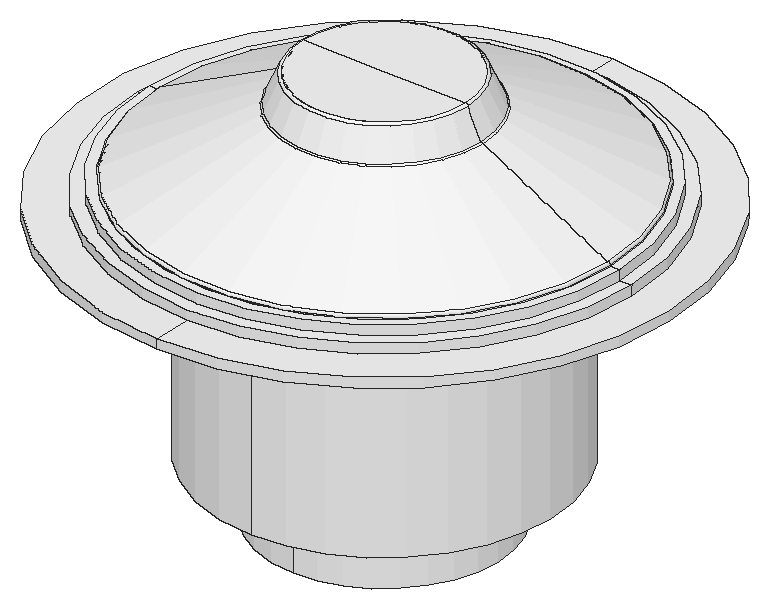
Revit family "R1200-RG", category Plumbing Fixtures, host Face, Revit 2018
Family settings
  Host = Face
  Round Connector Dimension = Use Radius
  Part Type = Normal
  Cut with Voids When Loaded = No
  Shared = No
  Room Calculation Point = No
Parameters (values of type "6" Drain Pipe Size")
  WFU = 0
  URL = "WWW.MIFAB.COM"
  Pipe Radius = Pipe Diameter / 2  # 0' - 3"
  Pipe Diameter = 0' - 6"
  No Hub Standard Height = 0' - 7 1/4"
  Model = "R1200-RG"
  Manufacturer = "MIFAB"
  Floor Drain Material = Paint - Sherwin Williams Paint - #952C2A - Bellwood Red
  Description = "LARGE SUMP ROOF DRAIN WITH DUCTILE IRON ROOFGUARD"
  Default Elevation = 0' - 0"
  CWFU = 0
  Assembly Code = ""
Types (7): name | Pipe Radius | Pipe Diameter | No Hub Standard Height
  (no name) | 0' - 3" | 0' - 6" | 0' - 7 1/4"
  3" Drain Pipe Size | 0' - 1 1/2" | 0' - 3" | 0' - 5 3/4"
  2" Drain Pipe Size | 0' - 1" | 0' - 2" | 0' - 5 3/4"
  4" Drain Pipe Size | 0' - 2" | 0' - 4" | 0' - 5 3/4"
  5" Drain Pipe Size | 0' - 2 1/2" | 0' - 5" | 0' - 5 3/4"
  6" Drain Pipe Size | 0' - 3" | 0' - 6" | 0' - 7 1/4"
  8" Drain Pipe Size | 0' - 4" | 0' - 8" | 0' - 5 7/8"
Reference planes (in)
  plane 1 "Center (Front/Back)": y = 0
  plane 2: z = 0
  plane 3 "Center (Left/Right)": x = 0
  plane 4: z = -7.25
  plane 5: z = -3
  plane 6: z = -6
  plane 7: y = -3
  plane 8: y = 3
  plane 9: x = -2.5
  plane 10: x = 2.5
  plane 11: z = 7.5
  plane 12: z = -6.5
  plane 13: x = 7.5
  plane 14: x = -7.5
  plane 15: y = 7.5
  plane 16: y = -7.5
  plane 17: z = -5.14286
  plane 18: z = -0.25
  plane 19: z = -7.5
  plane 20: y = 3.75
  plane 21: y = -3.75
  plane 22: y = 4.8125
  plane 23: y = -4.8125
  plane 24: z = 3.00217
Forms (in)
  Revolve 1, solid, material "Paint - Sherwin Williams Paint - #952C2A - Bellwood Red" <- "Floor Drain Material"
    sketch origin (0, 0.04396, -2.375) x (0, 1, 0) y (0, 0, 1)
      loop
        line (-4.16896, 2.375) -> (-7.54396, 2.375) -> (-7.54396, 2.125) -> (-4.85646, 2.125) -> (-4.85646, 1.375) -> (-4.41896, 1.375) -> (-4.41896, -3.625) -> (-3.04396, -3.625) -> (-3.04396, -5.125) -> (-2.79396, -5.125) -> (-2.79396, -3.375) -> (-4.16896, -3.375) -> (-4.16896, 2.375)
      axis (-0.04396, 2.375) -> (-0.04396, -5.125)
    angle from 0 to 360
  Revolve 2, solid, material "Paint - Sherwin Williams Paint - #952C2A - Bellwood Red" <- "Floor Drain Material"
    sketch origin (0, 0, 7.5) x (1, 0, 0) y (0, 0, 1)
      loop
        arc (5.92902, -6.98857) -> (5.9166, -6.94526) -> (5.88312, -6.91511) r 0.08173
        line (5.88312, -6.91511) -> (2.57066, -5.29952)
        arc (2.57066, -5.29952) -> (2.54811, -5.28328) -> (2.53228, -5.26046) r 0.08203
        line (2.53228, -5.26046) -> (2.19874, -4.54519)
        arc (2.19874, -4.54519) -> (2.16847, -4.51067) -> (2.1244, -4.49783) r 0.08203
        line (2.1244, -4.49783) -> (0, -4.49783) -> (0, -4.57188) -> (2.1293, -4.57188) -> (2.48752, -5.3401) -> (5.8548, -6.98243) -> (5.8548, -7.25) -> (5.92902, -7.25) -> (5.92902, -6.98857)
      axis (0, -7.25) -> (0, -4.49783)
    angle from 0 to 360
  Revolve 3, solid, material "Paint - Sherwin Williams Paint - #952C2A - Bellwood Red" <- "Floor Drain Material"
    sketch origin (0, 0, 0) x (1, 0, 0) y (0, 0, 1)
      loop
        line (6.5, 0) -> (6.5, 0.25) -> (6.17902, 0.25) -> (6.17902, 0.5) -> (5.92902, 0.5) -> (5.92902, 0.25) -> (2.62766, 0.25) -> (2.62766, -0.58408) -> (3.09242, -0.58408) -> (2.93592, 0) -> (6.5, 0)
      axis (0, -0.58408) -> (0, 0.5)
    angle from 0 to 360
Lines and regions (in)
  model lines, not visible
    curve 1: line (6.7156, 0, 9.07611) -> (12.5156, 0, 9.07611)
    curve 2: line (12.5156, 0, 9.07611) -> (12.5156, 0, 10.82611)
    curve 3: line (12.5156, 0, 10.82611) -> (6.7156, 0, 10.82611)
    curve 4: line (6.7156, 0, 10.82611) -> (6.7156, 0, 9.07611)
    curve 5: line (7.13163, 0, 10.86539) -> (7.13163, 0, 12.86539)
    curve 6: line (7.13163, 0, 12.86539) -> (15.53163, 0, 12.86539)
    curve 7: line (15.53163, 0, 12.86539) -> (15.53163, 0, 10.86539)
    curve 8: line (11.33163, 0, 12.86539) -> (11.33163, 0, 12.36539)
    curve 9: line (0, 28.52778, -10.8585) -> (0, 28.52778, -8.6085)
    curve 10: line (0, 28.52778, -8.6085) -> (0, 21.02778, -8.6085)
    curve 11: line (0, 21.02778, -8.6085) -> (0, 21.02778, -10.8585)
    curve 12: line (0, 24.77778, -8.6085) -> (0, 24.77778, -9.1085)
Dimensions and locks (in)
  locked: plane 5 to plane 4 at 4.25
  equal spacing: plane 8, plane 1 "Center (Front/Back)", plane 7
  "Pipe Diameter": plane 8 to plane 7
  "Pipe Radius": plane 1 "Center (Front/Back)" to plane 7
  plane 11 to level = 0' - 7 1/2"
  level to plane 12 = 0' - 6 1/2"
  plane 14 to plane 3 "Center (Left/Right)" to plane 13 = 0' - 7 1/2" locked, 0' - 7 1/2" locked
  plane 14 to plane 13 = 1' - 3"  (x3)
  plane 16 to plane 1 "Center (Front/Back)" to plane 15 = 0' - 7 1/2" locked, 0' - 7 1/2" locked
  plane 16 to plane 15 = 1' - 3"
  locked: plane 2 to plane 18 at 0.25
  "No Hub Standard Height": plane 18 to plane 19
  equal spacing: plane 20, plane 1 "Center (Front/Back)", plane 21
  plane 20 to plane 21 = 0' - 7 1/2"
  locked: Revolve 3 sketch curve to plane 13 at 1
  locked: Revolve 1 sketch curve to plane 16 at 2.6875
  plane 22 to plane 23 = 0' - 9 5/8"
  locked: plane 6 to plane 19 at 1.5
  locked: Revolve 1 sketch curve to plane 23 at 0.4375
  aligned and locked: plane 2 to host face
  aligned and locked: level to host face
  aligned and locked: Revolve 1 sketch curve to plane 19
  aligned and locked: plane 18 to Revolve 1 sketch curve
  aligned and locked: plane 16 to Revolve 1 sketch curve
  aligned and locked: host face to Revolve 3 sketch curve
  aligned and locked: plane 24 to Revolve 2 sketch curve
Automatic sketch dimensions
  curve 5 to curve 7 = 0' - 8.4"
  curve 5 to curve 8 = 0' - 4.2"
  curve 5 to curve 5 = 0' - 2"
  curve 7 to curve 6 = 0' - 2"
  curve 8 to curve 8 = 0' - 0 1/2"
  host sketch curve to host sketch curve = 8' - 0"  (x2)
  Revolve 3 sketch curve to plane 3 "Center (Left/Right)" = 0' - 0"
  Revolve 3 sketch curve to plane 10 = 0' - 0.12766"
  Revolve 3 sketch curve to Revolve 3 sketch curve = 0' - 0.30826"
  Revolve 3 sketch curve to Revolve 3 sketch curve = 0' - 0.46477"
  Revolve 3 sketch curve to Revolve 3 sketch curve = 0' - 0.32098"
  Revolve 3 sketch curve to plane 18 = 0' - 0.33408"
  level to Revolve 3 sketch curve = 0' - 0 1/4"
  Revolve 3 sketch curve to Revolve 3 sketch curve = 0' - 0 1/4"  (x2)
  plane 11 to Revolve 3 sketch curve = 0' - 2.65404"
  Revolve 3 sketch curve to Revolve 3 sketch curve = 0' - 1 3/4"
  Revolve 3 sketch curve to Revolve 3 sketch curve = 0' - 0"
  Revolve 2 sketch curve to plane 3 "Center (Left/Right)" = 0' - 0"  (x2)
  plane 10 to Revolve 2 sketch curve = 0' - 0.3756"
  Revolve 2 sketch curve to Revolve 2 sketch curve = 0' - 0.0049"
  Revolve 2 sketch curve to Revolve 2 sketch curve = 0' - 0.06944"
  plane 10 to Revolve 2 sketch curve = 0' - 0.01248"
  Revolve 2 sketch curve to plane 10 = 0' - 0.03228"
  Revolve 2 sketch curve to plane 10 = 0' - 0.07066"
  Revolve 2 sketch curve to plane 10 = 0' - 0.10662"
  level to Revolve 2 sketch curve = 0' - 0.51143"
  Revolve 2 sketch curve to plane 13 = 0' - 1.6527"
  Revolve 2 sketch curve to Revolve 2 sketch curve = 0' - 0.00751"
  level to Revolve 2 sketch curve = 0' - 0.58489"
  Revolve 2 sketch curve to Revolve 2 sketch curve = 0' - 0.02832"
  Revolve 2 sketch curve to Revolve 2 sketch curve = 0' - 0.00614"
  Revolve 2 sketch curve to Revolve 2 sketch curve = 0' - 0.04058"
  Revolve 2 sketch curve to Revolve 2 sketch curve = 0' - 0 5/128"
  Revolve 2 sketch curve to Revolve 2 sketch curve = 0' - 0.6806"
  Revolve 2 sketch curve to Revolve 2 sketch curve = 0' - 0.02669"
  level to Revolve 2 sketch curve = 0' - 0 1/4"
  Revolve 2 sketch curve to plane 11 = 0' - 1"
  Revolve 2 sketch curve to Revolve 2 sketch curve = 0' - 0 1/2"
  Revolve 2 sketch curve to Revolve 2 sketch curve = 0' - 0.00797"
  Revolve 1 sketch curve to plane 6 = 0' - 0"
  Revolve 1 sketch curve to plane 7 = 0' - 0"
  Revolve 1 sketch curve to plane 1 "Center (Front/Back)" = 0' - 0"
  Revolve 1 sketch curve to plane 4 = 0' - 0"
  Revolve 1 sketch curve to level = 0' - 0"
  Revolve 1 sketch curve to plane 7 = 0' - 0 1/4"
  plane 6 to Revolve 1 sketch curve = 0' - 0 1/4"
  Revolve 1 sketch curve to Revolve 1 sketch curve = 0' - 0 3/4"
  Revolve 1 sketch curve to plane 5 = 0' - 0 1/4"
  Revolve 1 sketch curve to plane 21 = 0' - 0 3/8"
Connectors (in)
  piping at (0, 0, -7.5), diameter 6, driven by "Pipe Radius", driven by "WFU"
    settings: on Revolve 1, index 2, connector inside diameter 2", connector length 0' - 0", flow factor 0, pipe flow 0 GPM, pressure drop 0.00 psi, fitting loss kfactor 0, connector angle 0.00°, fixture units 0, engagement length 0' - 0", angle of deflection 0.00°, flow configuration 3, flow direction 2, fitting loss method 0, system type 16, joint type 0, gender type 0, connector reference index -1, connector utility 0, adjustable connector no, is connector primary yes, connector description "Sanitary Out"
